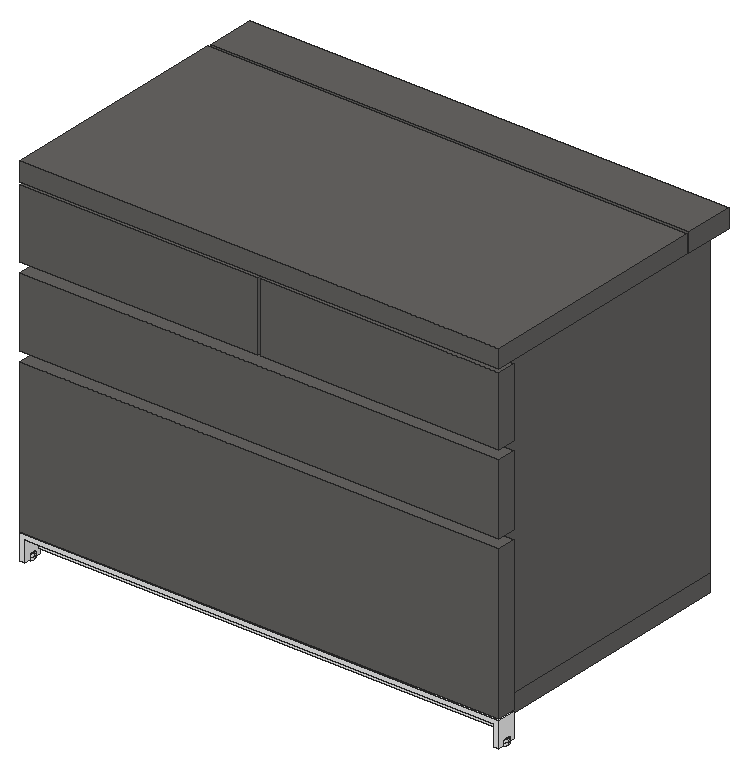
Revit family "Storage-Credenza-Teknion-ZXSS_Side_By_Side_Box-R2011", category Furniture Systems, Revit 2013
Parameters (values of type "(See Type Catalog)")
  Width = 80"
  Warranty = "http://www.teknionstudio.com/pdfs/Teknion%20Studio%20Warranty.pdf"
  Unit Weight = 0.00 lbf
  Unit Finish [instance] = Veneer - Teknion - P7 - Grey Oak
  URL = "www.teknionstudio.com"
  Tabletop Right Length = if(Has Right Door, 40", if(Has Double Right Door, 60", 20"))  # 20"
  Tabletop Left Length = if(Has Left Door, 40", if(Has Double Left Door, 60", 20"))  # 20"
  Tabletop Cutout Offset = if(Has Wire Management, 0", 4")  # 0"
  Single Door Cutout Offset = if(Has Left Door, 0", if(Has Right Door, 0", 4"))  # 4"
  Series = "B&B Italia"
  Right Doors Length = if(Has Right Door, (40" - 1.575"), if(Has Double Right Door, (60" - 1.575"), 18.425"))  # 18.425"
  Product Page URL = "http://www.teknionstudio.com/acexecutive/"
  Product Line = "AC Executive"
  Product Documentation Link = "http://www.teknionstudio.com/pricing/ac_executive_ppg.pdf"
  Part Number = "ZXSS"
  Model = ""
  Manufacturer Phone = "919-464-2920"
  Manufacturer Fax = "919-464-2927"
  Manufacturer Email = "customersupport@teknionstudio.com"
  Manufacturer Address = "3940 US 70 Business HWY West, Clayton, NC 27520"
  Manufacturer = "Teknion Studio"  # constant formula
  Low Emitting Material = yes
  Low Emitting Finish = yes
  Left and Right Reference Planes Offset = if(Has Double Right Door, 0", if(Has Double Left Door, 40", if(Has Right Door, 20", 40")))  # 40"
  Left Doors Length = if(Has Left Door, (40" - 1.575"), if(Has Double Left Door, (60" - 1.575"), 18.425"))  # 18.425"
  Height = 30"
  Has Left Door = no
  Has Double Left Door = no
  Has Right Door = no
  Has Double Right Door = no
  Has Wire Management = yes
  Drawers Length = 40"  # constant formula
  Double Door Cutout Offset = if(Has Double Left Door, 0", if(Has Double Right Door, 0", 5"))  # 5"
  Description = ""
  Depth = 24"
  Bottom Rigth Length = if(Has Right Door, 40", if(Has Double Right Door, 60", 20"))  # 20"
  Bottom Left Length = if(Has Left Door, 40", if(Has Double Left Door, 60", 20"))  # 20"
  Assembly Code = "E2020200"
Reference planes (in)
  plane 1 "Center F/B": y = 0
  plane 2: z = 0
  plane 3 "Center L/R": x = 1.5
  plane 4 "Left Aux": x = -16.925
  plane 5 "Right Aux": x = 19.925
  plane 6 "Back": y = 12
  plane 7 "Front": y = -12
  plane 8 "Top": z = 30
  plane 9: x = -15.3502
  plane 10: x = 18.3502
  plane 11: z = 2.1289
  plane 12 "Foot Centerline": y = -11.2126
  plane 13 "Elevation": z = 15.29476
  plane 14: z = 28.46063
  plane 15: x = -18.5
  plane 16: x = 21.5
  plane 17: x = -38.5
  plane 18: x = -58.5
  plane 19: x = 41.5
  plane 20: x = 61.5
  plane 21: x = -18.5
  plane 22: x = 21.5
  plane 23: x = -18.5
  plane 24: x = 21.5
  plane 25: x = -18.5
  plane 26: x = 21.5
  plane 27: y = -16
  plane 28: y = -17
  plane 29: z = 30
  plane 30 "Left": x = -58.5
  plane 31 "Right": x = 21.5
  plane 32: x = -18.5
Forms (in)
  Sweep 1, solid, material "Metal - Teknion - C6 - Chrome"
    path origin (0, -12, 0) x (1, 0, 0) y (0, 0, 1)
      loop
        line (21.5, 0.05803) -> (21.5, 2.1289) -> (-18.5, 2.1289) -> (-18.5, 0.05803)
    profile origin (1.5, -12, 2.1289) x (0, 0, -1) y (0, -1, 0)
      loop
        line (0, 0) -> (0, -1.5748) -> (0.394, -1.5748) -> (0.394, 0) -> (0, 0)
  Sweep 2, solid, material "Metal - Teknion - C6 - Chrome"
    path origin (0, -12, 0) x (1, 0, 0) y (0, 0, 1)
      loop
        line (-18.5, 2.1289) -> (21.5, 2.1289)
    profile origin (1.5, -12, 2.1289) x (0, 0, 1) y (0, -1, 0)
      loop
        line (-0.394, -1.5748) -> (-0.394, -1.3778) -> (-1.575, -1.3778) -> (-1.575, -1.5748) -> (-0.394, -1.5748)
  Revolve 3, solid, material "Metal - Teknion - C6 - Chrome"
    sketch origin (0, -11.2126, 0) x (0, 0, -1) y (1, 0, 0)
      loop
        line (-0.4911, 20.9685) -> (-0.45173, 20.92913) -> (-0.28492, 20.92913) -> (-0.24555, 20.9685) -> (-0.20618, 20.92913) -> (-0.03937, 20.92913) -> (0, 20.9685) -> (0, 21.30315) -> (-0.4911, 21.30315) -> (-0.4911, 20.9685)
      axis (0, 21.30315) -> (-0.4911, 21.30315)
    angle from 0 to 360
  Revolve 4, solid, material "Metal - Teknion - C6 - Chrome"
    sketch origin (0, -11.2126, 0) x (0, 0, -1) y (1, 0, 0)
      loop
        line (0, -18.6378) -> (0, -18.30315) -> (-0.4911, -18.30315) -> (-0.4911, -18.6378) -> (-0.45173, -18.67717) -> (-0.28492, -18.67717) -> (-0.24555, -18.6378) -> (-0.20618, -18.67717) -> (-0.03937, -18.67717) -> (0, -18.6378)
      axis (0, -18.30315) -> (-0.4911, -18.30315)
    angle from 0 to 360
  Sweep 5, solid, material "Veneer - Teknion - P7 - Grey Oak" <- "Unit Finish"
    path origin (0, 0, 15.40683) x (-1, 0, 0) y (0, -1, 0)
      loop
        line (-1.5, -12) -> (-1.5, 12)
    profile origin (1.5, 0, 15.40683) x (1, 0, 0) y (0, 0, 1)
      loop
        line (-20, 14.59317) -> (-20, 13.0538) -> (20, 13.0538) -> (20, 14.59317) -> (-20, 14.59317)
  Sweep 6, solid, material "Veneer - Teknion - P7 - Grey Oak" <- "Unit Finish"
    path origin (0, -12, 0) x (1, 0, 0) y (0, 0, 1)
      loop
        line (-16.925, 2.1289) -> (19.925, 2.1289)
    profile origin (1.5, -12, 2.1289) x (0, 0, 1) y (0, -1, 0)
      loop
        line (0, -1.5748) -> (-1.53937, -1.5748) -> (-1.53937, -24) -> (0, -24) -> (0, -1.5748)
  Sweep 7, solid, material "Veneer - Teknion - P7 - Grey Oak" <- "Unit Finish"
    path origin (0, 0, 15.40683) x (-1, 0, 0) y (0, -1, 0)
      loop
        line (16.925, 0) -> (-19.925, 0)
    profile origin (1.5, 0, 15.40683) x (0, 1, 0) y (0, 0, 1)
      loop
        line (7.61024, 12.6597) -> (7.61024, 13.0538) -> (-10.32283, 13.0538) -> (-10.32283, -13.27793) -> (12, -13.27793) -> (12, 12.6597) -> (7.61024, 12.6597)
  Sweep 8, solid, material "Veneer - Teknion - P7 - Grey Oak" <- "Unit Finish"
    path origin (0, -12, 0) x (1, 0, 0) y (0, 0, 1)
      loop
        line (-18.5, 15.29476) -> (21.5, 15.29476)
    profile origin (1.5, -12, 15.29476) x (0, 0, 1) y (0, -1, 0)
      loop
        line (0.47367, -1.5394) -> (6.36347, -1.5394) -> (6.36347, 0) -> (0.47367, 0) -> (0.47367, -1.5394)
      loop
        line (-0.31373, 0) -> (-13.04087, 0) -> (-13.04087, -1.5394) -> (-0.31373, -1.5394) -> (-0.31373, 0)
  Sweep 9, solid, material "Veneer - Teknion - P7 - Grey Oak" <- "Unit Finish", visible <- "Has Left Door"
    path origin (0, -12, 0) x (1, 0, 0) y (0, 0, 1)
      loop
        line (1.5, 28.21063) -> (1.5, 2.3789)
    profile origin (1.5, -12, 15.29476) x (0, -1, 0) y (1, 0, 0)
      loop
        line (-1.5394, -20.25) -> (-1.5394, -40) -> (0, -40) -> (0, -20.25) -> (-1.5394, -20.25)
  Sweep 10, solid, material "Veneer - Teknion - P7 - Grey Oak" <- "Unit Finish", visible <- "Has Right Door"
    path origin (0, -12, 0) x (-1, 0, 0) y (0, 0, 1)
      loop
        line (-1.5, 28.21063) -> (-1.5, 2.3789)
    profile origin (1.5, -12, 15.29476) x (0, -1, 0) y (1, 0, 0)
      loop
        line (-1.5394, 20.25) -> (0, 20.25) -> (0, 40) -> (-1.5394, 40) -> (-1.5394, 20.25)
  Sweep 11, solid, material "Veneer - Teknion - P7 - Grey Oak" <- "Unit Finish", visible <- "Has Double Left Door"
    path origin (-80, -12, 0) x (-1, 0, 0) y (0, 0, 1)
      loop
        line (-81.5, 28.21063) -> (-81.5, 2.3789)
    profile origin (1.5, -12, 15.29476) x (0, -1, 0) y (1, 0, 0)
      loop
        line (-1.5394, -20.25) -> (-1.5394, -39.875) -> (0, -39.875) -> (0, -20.25) -> (-1.5394, -20.25)
      loop
        line (-1.5394, -60) -> (0, -60) -> (0, -40.125) -> (-1.5394, -40.125) -> (-1.5394, -60)
  Sweep 12, solid, material "Veneer - Teknion - P7 - Grey Oak" <- "Unit Finish", visible <- "Has Double Right Door"
    path origin (80, -12, 0) x (1, 0, 0) y (0, 0, 1)
      loop
        line (-78.5, 28.21063) -> (-78.5, 2.3789)
    profile origin (1.5, -12, 15.29476) x (0, -1, 0) y (1, 0, 0)
      loop
        line (-1.5394, 20.25) -> (0, 20.25) -> (0, 39.875) -> (-1.5394, 39.875) -> (-1.5394, 20.25)
      loop
        line (-1.5394, 60) -> (-1.5394, 40.125) -> (0, 40.125) -> (0, 60) -> (-1.5394, 60)
  Sweep 13, void
    path origin (1.5, 0, 0) x (0, 1, 0) y (0, 0, 1)
      loop
        line (-16, 28.46063) -> (-15.5276, 28.46063)
    profile origin (1.5, -15.7638, 28.46063) x (0, 0, 1) y (1, 0, 0)
      loop
        line (0, -27.556) -> (1.1, -27.556) -> (1.1, -20.118) -> (0, -20.118) -> (0, -27.556)
      loop
        line (0, 27.556) -> (0, 20.118) -> (1.1, 20.118) -> (1.1, 27.556) -> (0, 27.556)
  Sweep 14, void
    path origin (1.5, -9, 0) x (0, 1, 0) y (0, 0, 1)
      loop
        line (-8, 28.46063) -> (-7.5276, 28.46063)
    profile origin (1.5, -16.7638, 28.46063) x (0, 0, 1) y (1, 0, 0)
      loop
        line (0, -47.438) -> (1.1, -47.438) -> (1.1, -32.562) -> (0, -32.562) -> (0, -47.438)
      loop
        line (0, 47.438) -> (0, 32.562) -> (1.1, 32.562) -> (1.1, 47.438) -> (0, 47.438)
  Sweep 15, void
    path origin (0, 12, 0) x (-1, 0, 0) y (0, 0, 1)
      loop
        line (58.5, 30) -> (-61.5, 30)
    profile origin (1.5, 12, 30) x (0, 0, -1) y (0, 1, 0)
      loop
        line (1.53937, -4.38976) -> (1.53937, -4.13976) -> (0, -4.13976) -> (0, -4.38976) -> (1.53937, -4.38976)
  Sweep 16, solid, material "Veneer - Teknion - P7 - Grey Oak" <- "Unit Finish"
    path origin (0, -12, 0) x (1, 0, 0) y (0, 0, 1)
      loop
        line (1.5, 28.21063) -> (1.5, 22.44563)
    profile origin (1.5, -12, 25.32813) x (0, -1, 0) y (1, 0, 0)
      loop
        line (-1.5394, -20) -> (0, -20) -> (0, -0.125) -> (-1.5394, -0.125) -> (-1.5394, -20)
      loop
        line (0, 20) -> (-1.5394, 20) -> (-1.5394, 0.125) -> (0, 0.125) -> (0, 20)
Cuts and joins
  joined: Sweep 1, Sweep 2, Revolve 3, Revolve 4
  Sweep 13, Sweep 14, Sweep 15 cuts Sweep 5
Lines and regions (in)
  Masking region 1
    outline origin (0, 0, 30) x (-1, 0, 0) y (0, -1, 0)
      loop
        line (18.5, -12) -> (18.5, 12) -> (-21.5, 12) -> (-21.5, -12) -> (18.5, -12)
  symbolic lines, visible <- "Has Wire Management", detail levels medium+fine
    curve 1: line (-18.5, 7.61024, 15.40683) -> (21.5, 7.61024, 15.40683)
  symbolic lines, style "Elevation Swing", visible <- "Has Left Door"
    curve 2: line (-18.618, -12, 28.38063) -> (-38.5, -12, 15.29476)
    curve 3: line (-38.5, -12, 15.29476) -> (-18.618, -12, 2.2089)
  symbolic lines, style "Elevation Swing", visible <- "Has Double Left Door"
    curve 4: line (-38.375, -12, 28.41911) -> (-18.618, -12, 15.29476)
    curve 5: line (-38.5, -12, 2.17042) -> (-18.618, -12, 15.29476)
    curve 6: line (-38.375, -12, 28.41911) -> (-58.382, -12, 15.29476)
    curve 7: line (-38.5, -12, 2.17042) -> (-58.382, -12, 15.29476)
  symbolic lines, style "Elevation Swing", visible <- "Has Right Door"
    curve 8: line (21.75, -12, 28.38063) -> (41.5, -12, 15.29476)
    curve 9: line (41.5, -12, 15.29476) -> (21.618, -12, 2.3789)
  symbolic lines, style "Elevation Swing", visible <- "Has Double Right Door"
    curve 10: line (41.375, -12, 28.41899) -> (21.75, -12, 15.29476)
    curve 11: line (41.49982, -12, 2.17053) -> (21.75, -12, 15.29476)
  symbolic lines, style "FurnitureSystemsHiddenLines", visible <- "Has Double Right Door"
    curve 12: line (41.49982, -12, 2.17053) -> (61.5, -12, 15.29476)
    curve 13: line (41.375, -12, 28.41899) -> (61.5, -12, 15.29476)
  symbolic lines, style "FurnitureSystems", visible <- "Has Left Door"
    curve 14: line (-38.5, -12, 15.40683) -> (-38.5, -32, 15.40683)
  symbolic lines, visible <- "Has Left Door"
    curve 15: arc (-38.5, -32, 15.40683) -> (-24.35786, -26.14214, 15.40683) -> (-18.5, -12, 15.40683) r 20
  symbolic lines, visible <- "Has Double Left Door"
    curve 16: line (-18.5, -12, 15.40683) -> (-18.5, -32, 15.40683)
    curve 17: arc (-18.5, -32, 15.40683) -> (-32.64214, -26.14214, 15.40683) -> (-38.5, -12, 15.40683) r 20
    curve 18: line (-58.5, -12, 15.40683) -> (-58.5, -32, 15.40683)
    curve 19: arc (-58.5, -32, 15.40683) -> (-44.35786, -26.14214, 15.40683) -> (-38.5, -12, 15.40683) r 20
  symbolic lines, style "FurnitureSystems", visible <- "Has Right Door"
    curve 20: line (41.5, -12, 15.40683) -> (41.5, -32, 15.40683)
  symbolic lines, visible <- "Has Right Door"
    curve 21: arc (41.5, -32, 15.40683) -> (27.35786, -26.14214, 15.40683) -> (21.5, -12, 15.40683) r 20
  symbolic lines, visible <- "Has Double Right Door"
    curve 22: line (21.5, -12, 15.40683) -> (21.5, -32, 15.40683)
    curve 23: arc (21.5, -32, 15.40683) -> (35.64214, -26.14214, 15.40683) -> (41.5, -12, 15.40683) r 20
    curve 24: line (61.5, -12, 15.40683) -> (61.5, -32, 15.40683)
    curve 25: arc (61.5, -32, 15.40683) -> (47.35786, -26.14214, 15.40683) -> (41.5, -12, 15.40683) r 20
Dimensions and locks (in)
  equal spacing: plane 6 "Back", plane 1 "Center F/B", plane 7 "Front"
  "Depth": plane 6 "Back" to plane 7 "Front"
  locked: plane 4 "Left Aux" to plane 9 at 1.5748
  locked: plane 10 to plane 5 "Right Aux" at 1.5748
  "Height": plane 8 "Top" to plane 2
  locked: Sweep 1 sketch curve to level at 0.05803  (x2)
  locked: plane 7 "Front" to Sweep 1 sketch curve at 1.5748
  locked: plane 11 to plane 2 at 2.1289
  locked: plane 11 to Sweep 1 sketch curve at 0.394
  plane 11 to Sweep 2 sketch curve to Sweep 2 sketch curve = 0.394" locked, 1.181" locked
  plane 7 "Front" to Sweep 2 sketch curve to Sweep 2 sketch curve = 1.3778" locked, 0.197" locked
  locked: plane 8 "Top" to Sweep 5 sketch curve at 1.53937
  locked: plane 11 to Sweep 6 sketch curve at 1.53937
  locked: plane 7 "Front" to Sweep 6 sketch curve at 1.5748
  locked: plane 8 "Top" to Sweep 7 sketch curve at 1.53937
  locked: plane 8 "Top" to Sweep 7 sketch curve at 1.93347
  locked: Sweep 7 sketch curve to plane 7 "Front" at 1.67717
  locked: plane 8 "Top" to plane 14 at 1.53937
  equal spacing: plane 14, plane 13 "Elevation", plane 11
  locked: Sweep 8 sketch curve to plane 7 "Front" at 1.5394
  locked: plane 11 to Sweep 8 sketch curve at 0.125
  equal spacing: plane 15, plane 3 "Center L/R", plane 16
  "Drawers Length": plane 15 to plane 16
  "Left Doors Length": plane 4 "Left Aux" to plane 3 "Center L/R"
  "Right Doors Length": plane 3 "Center L/R" to plane 5 "Right Aux"
  equal spacing: plane 18, plane 17, plane 15
  locked: plane 17 to plane 15 at 20
  locked: plane 17 to Sweep 9 sketch curve at 0
  locked: Sweep 9 sketch curve to plane 15 at 0.25
  locked: Sweep 9 sketch curve to plane 7 "Front" at 1.5394
  locked: plane 14 to Sweep 11 sketch curve at 0.25
  locked: Sweep 11 sketch curve to plane 15 at 0.25
  locked: plane 7 "Front" to Sweep 11 sketch curve at 1.5394
  locked: Sweep 11 sketch curve to plane 7 "Front" at 1.5394
  locked: Sweep 9 sketch curve to plane 11 at 0.25
  locked: plane 14 to Sweep 9 sketch curve at 0.25
  equal spacing: plane 16, plane 19, plane 20
  plane 16 to plane 19 = 20"
  locked: plane 14 to Sweep 10 sketch curve at 0.25
  locked: Sweep 10 sketch curve to plane 11 at 0.25
  locked: Sweep 10 sketch curve to plane 19
  locked: plane 16 to Sweep 10 sketch curve at 0.25
  locked: plane 7 "Front" to Sweep 10 sketch curve at 1.5394
  locked: plane 14 to Sweep 12 sketch curve at 0.25
  locked: Sweep 12 sketch curve to plane 11 at 0.25
  locked: plane 16 to Sweep 12 sketch curve at 0.25
  locked: plane 7 "Front" to Sweep 12 sketch curve at 1.5394
  locked: Sweep 12 sketch curve to plane 7 "Front" at 1.5394
  "Tabletop Left Length": plane 3 "Center L/R" to plane 21
  "Tabletop Right Length": plane 22 to plane 3 "Center L/R"
  "Bottom Left Length": plane 3 "Center L/R" to plane 23
  "Bottom Rigth Length": plane 3 "Center L/R" to plane 24
  "Bottom Left Length": plane 3 "Center L/R" to plane 25
  "Bottom Rigth Length": plane 26 to plane 3 "Center L/R"
  locked: plane 7 "Front" to plane 12 "Foot Centerline" at 0.7874
  locked: plane 4 "Left Aux" to Revolve 4 sketch curve at 1.37815
  locked: Revolve 4 sketch curve to Revolve 4 sketch curve at 0.37402
  Revolve 4 sketch curve to Revolve 4 sketch curve to Revolve 4 sketch curve to plane 2 = 0.07874" locked, 0.16681" locked, 0.03937" locked
  Revolve 4 sketch curve to Revolve 4 sketch curve to Revolve 4 sketch curve to Revolve 4 sketch curve = 0.03937" locked, 0.16681" locked, 0.03937" locked
  locked: Revolve 3 sketch curve to plane 5 "Right Aux" at 1.37815
  locked: Revolve 3 sketch curve to Revolve 3 sketch curve at 0.37402
  Revolve 3 sketch curve to Revolve 3 sketch curve to Revolve 3 sketch curve to Revolve 3 sketch curve to plane 2 = 0.03937" locked, 0.16681" locked, 0.07874" locked, 0.20618" locked
  "Single Door Cutout Offset": plane 7 "Front" to plane 27
  locked: Sweep 13 sketch curve to plane 27 at 0.4724
  locked: Sweep 13 sketch curve to plane 14 at 1.1  (x2)
  Sweep 13 sketch curve to Sweep 13 sketch curve to plane 15 = 7.438" locked, 0.118" locked
  plane 16 to Sweep 13 sketch curve to Sweep 13 sketch curve = 0.118" locked, 7.438" locked
  locked: Sweep 14 sketch curve to plane 28 at 0.4724
  Sweep 14 sketch curve to plane 17 to Sweep 14 sketch curve = 7.438" locked, 7.438" locked
  locked: Sweep 14 sketch curve to plane 14 at 1.1  (x2)
  Sweep 14 sketch curve to plane 19 to Sweep 14 sketch curve = 7.438" locked, 7.438" locked
  "Double Door Cutout Offset": plane 7 "Front" to plane 28
  "Tabletop Cutout Offset": plane 29 to plane 8 "Top"
  locked: Sweep 15 sketch curve to Sweep 15 sketch curve at 0.25
  locked: plane 29 to Sweep 15 sketch curve at 1.53937
  locked: plane 6 "Back" to Sweep 15 sketch curve at 4.13976
  equal spacing: plane 30 "Left", plane 32, plane 31 "Right"
  "Width": plane 30 "Left" to plane 31 "Right"
  "Left and Right Reference Planes Offset": plane 31 "Right" to plane 20
  locked: Sweep 8 sketch curve to Sweep 8 sketch curve at 0.7874
  Sweep 8 sketch curve to Sweep 8 sketch curve = 12.72713"
  Sweep 11 sketch curve to plane 17 to Sweep 11 sketch curve = 1/8" locked, 1/8" locked
  Sweep 12 sketch curve to plane 19 to Sweep 12 sketch curve = 1/8" locked, 1/8" locked
  locked: Sweep 8 sketch curve to Sweep 8 sketch curve at 5.8898
  locked: plane 14 to Sweep 8 sketch curve at 6.8024
  locked: Sweep 11 sketch curve to plane 11 at 0.25
  locked: plane 14 to Sweep 16 sketch curve at 0.25
  locked: plane 14 to Sweep 16 sketch curve at 6.015
  Sweep 16 sketch curve to profile plane to Sweep 16 sketch curve = 1/8" locked, 1/8" locked
  locked: plane 7 "Front" to Sweep 16 sketch curve at 1.5394  (x2)
  aligned and locked: level to plane 2
  aligned and locked: Sweep 1 sketch curve to plane 7 "Front"
  aligned and locked: plane 11 to Sweep 1 sketch curve
  aligned and locked: Sweep 1 sketch curve to plane 11
  aligned and locked: Sweep 2 sketch curve to plane 11
  aligned and locked: plane 6 "Back" to Sweep 5 sketch curve
  aligned and locked: plane 7 "Front" to Sweep 5 sketch curve
  aligned and locked: Sweep 5 sketch curve to plane 3 "Center L/R"
  aligned and locked: Sweep 5 sketch curve to plane 8 "Top"
  aligned and locked: Sweep 6 sketch curve to plane 11  (x2)
  aligned and locked: Sweep 6 sketch curve to plane 6 "Back"
  aligned and locked: plane 1 "Center F/B" to Sweep 7 sketch curve
  aligned and locked: plane 6 "Back" to Sweep 7 sketch curve
  aligned and locked: plane 11 to Sweep 7 sketch curve
  aligned and locked: Sweep 8 sketch curve to plane 13 "Elevation"
  aligned and locked: plane 7 "Front" to Sweep 8 sketch curve
  aligned and locked: plane 15 to Sweep 8 sketch curve
  aligned and locked: plane 16 to Sweep 8 sketch curve
  aligned and locked: plane 4 "Left Aux" to Sweep 7 sketch curve
  aligned and locked: plane 5 "Right Aux" to Sweep 7 sketch curve
  aligned and locked: Sweep 9 sketch curve to plane 3 "Center L/R"
  aligned and locked: plane 7 "Front" to Sweep 9 sketch curve
  aligned and locked: Sweep 11 sketch curve to plane 3 "Center L/R"
  aligned and locked: Sweep 11 sketch curve to plane 7 "Front"
  aligned and locked: plane 7 "Front" to Sweep 11 sketch curve
  aligned and locked: plane 18 to Sweep 11 sketch curve
  aligned and locked: Sweep 10 sketch curve to plane 3 "Center L/R"
  aligned and locked: Sweep 10 sketch curve to plane 7 "Front"
  aligned and locked: Sweep 12 sketch curve to plane 3 "Center L/R"
  aligned and locked: Sweep 12 sketch curve to plane 7 "Front"
  aligned and locked: Sweep 12 sketch curve to plane 20
  aligned and locked: plane 7 "Front" to Sweep 12 sketch curve
  aligned and locked: plane 21 to Sweep 5 sketch curve
  aligned and locked: Sweep 5 sketch curve to plane 22
  aligned and locked: plane 4 "Left Aux" to Sweep 6 sketch curve
  aligned and locked: plane 5 "Right Aux" to Sweep 6 sketch curve
  aligned and locked: Sweep 1 sketch curve to plane 23
  aligned and locked: plane 24 to Sweep 1 sketch curve
  aligned and locked: plane 25 to Sweep 2 sketch curve
  aligned and locked: plane 26 to Sweep 2 sketch curve
  aligned and locked: Revolve 3 sketch curve to Revolve 3 sketch curve  (x2)
  aligned and locked: Revolve 3 sketch curve to plane 2
  aligned and locked: Revolve 4 sketch curve to Revolve 4 sketch curve  (x2)
  aligned and locked: Revolve 4 sketch curve to plane 2
  aligned and locked: plane 27 to Sweep 13 sketch curve
  aligned and locked: plane 14 to Sweep 13 sketch curve  (x2)
  aligned and locked: Sweep 13 sketch curve to plane 14
  aligned and locked: plane 14 to Sweep 14 sketch curve  (x2)
  aligned and locked: Sweep 14 sketch curve to plane 14
  aligned and locked: plane 28 to Sweep 14
  aligned and locked: plane 28 to Sweep 14 sketch curve
  aligned and locked: Sweep 15 sketch curve to plane 29  (x2)
  aligned and locked: plane 18 to Sweep 15 sketch curve
  aligned and locked: plane 20 to Sweep 15 sketch curve
  aligned and locked: Masking region 1 sketch curve to plane 6 "Back"
  aligned and locked: cut or joined group of Sweep 5, Sweep 13, Sweep 14, Sweep 15 to curve 1
  aligned and locked: Masking region 1 sketch curve to cut or joined group of Sweep 5, Sweep 13, Sweep 14, Sweep 15  (x2)
  aligned and locked: Masking region 1 sketch curve to plane 7 "Front"
  aligned and locked: Masking region 1 to curve 1  (x2)
  aligned and locked: plane 13 "Elevation" to curve 3
  aligned and locked: Sweep 9 to curve 3
  aligned and locked: plane 13 "Elevation" to curve 4
  aligned and locked: curve 4 to Sweep 11
  aligned and locked: curve 8 to Sweep 10
  aligned and locked: Sweep 10 to curve 9
  aligned and locked: plane 13 "Elevation" to curve 9
  aligned and locked: curve 9 to Sweep 10
  aligned and locked: Sweep 12 to curve 11
  aligned and locked: plane 13 "Elevation" to curve 11
  aligned and locked: Sweep 12 to curve 10
  aligned and locked: Sweep 12 to curve 12
  aligned and locked: curve 14 to plane 17
  aligned and locked: plane 17 to curve 15
  aligned and locked: curve 18 to plane 18
  aligned and locked: curve 16 to plane 15
  aligned and locked: curve 17 to plane 15
  aligned and locked: plane 7 "Front" to curve 15
  aligned and locked: plane 7 "Front" to curve 14
  aligned and locked: plane 7 "Front" to curve 19
  aligned and locked: plane 7 "Front" to curve 17
  aligned and locked: plane 19 to curve 20
  aligned and locked: plane 7 "Front" to curve 21
  aligned and locked: plane 7 "Front" to curve 20
  aligned and locked: plane 20 to curve 24
  aligned and locked: plane 16 to curve 22
  aligned and locked: plane 7 "Front" to curve 24
  aligned and locked: plane 7 "Front" to curve 25
  aligned and locked: plane 7 "Front" to curve 22
  aligned and locked: plane 19 to curve 25
  aligned and locked: plane 7 "Front" to curve 23
  aligned and locked: plane 19 to curve 23
  aligned and locked: Sweep 16 sketch curve to plane 3 "Center L/R"
  aligned and locked: plane 16 to Sweep 16 sketch curve
  aligned and locked: Sweep 16 sketch curve to plane 7 "Front"
  aligned and locked: plane 15 to Sweep 16 sketch curve
Automatic sketch dimensions
  Revolve 3 sketch curve to Revolve 3 sketch curve = 0.15736"
  Revolve 3 sketch curve to Revolve 3 sketch curve = 0.03937"  (x3)
  level to Revolve 3 sketch curve = 0.03937"
  Revolve 3 sketch curve to level = 0.10154"
  Revolve 4 sketch curve to Revolve 4 sketch curve = 0.2589"
  Revolve 4 sketch curve to level = 0.42419"
  Revolve 4 sketch curve to Revolve 4 sketch curve = 0.03937"  (x2)
  Sweep 7 sketch curve to Sweep 7 sketch curve = 4.38976"
  curve 6 to plane 13 "Elevation" = 0"
  curve 7 to plane 17 = 0"
  curve 12 to plane 13 "Elevation" = 0"
  plane 18 to curve 7 = 0.118"
  curve 5 to plane 15 = 0.118"
  curve 3 to plane 15 = 0.118"
  curve 2 to plane 15 = 0.118"
  curve 9 to plane 16 = 0.118"
  plane 19 to curve 11 = 0.00018"
  plane 11 to curve 3 = 0.08"
  plane 11 to curve 11 = 0.04164"
  plane 11 to curve 5 = 0.04152"
  curve 8 to plane 14 = 0.08"
  curve 2 to plane 14 = 0.08"
  curve 13 to plane 14 = 0.04164"
  curve 4 to plane 14 = 0.04152"
  curve 21 to plane 16 = 0"
  plane 7 "Front" to curve 16 = 0"
  plane 7 "Front" to curve 18 = 0"
  Sweep 8 sketch curve to plane 7 "Front" = 0"
  Sweep 8 sketch curve to Sweep 8 sketch curve = 0"
  plane 7 "Front" to Sweep 16 sketch curve = 0"
